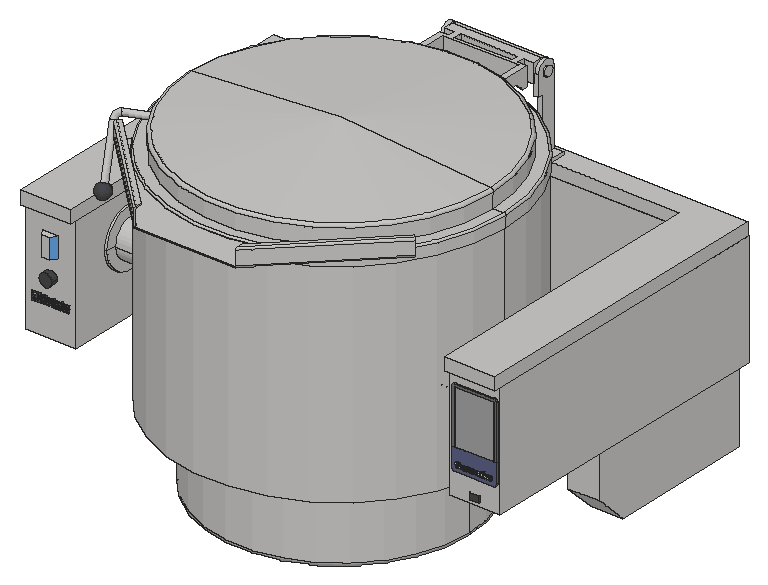
Revit family "QF_ELECTROLUXPROFESSIONAL_586884_PBOT40RWEO", category Attrezzature speciali, Revit 2020
Family settings
  Quota connettore circolare = Usa diametro
  Tipo di parte = Normale
  Basato su piano di lavoro = No
  Sempre verticale = Sì
  Taglio con vuoti quando caricato = No
  Condiviso = No
  Punto di calcolo locali = No
Parameters (values of type "Standard")
  Weight = 450.00 kg
  Watts = 48200 W
  Volts = 400 V
  URL Manufacturer = "https://www.electroluxprofessional.com/"
  URL = "https://www.electroluxprofessional.com/"
  Steam Supply Size = 0 mm
  Steam Supply Minimum Pressure = 0.0 Pa
  Steam Supply Maximum Pressure = 0.0 Pa
  Steam Consumption per Hour = 0
  Refrigeration Suction Line Size = 0.0 mm
  Refrigeration Liquid Line Size = 0.0 mm
  Refrigerant Compressor Remote = yes
  Prospetto di default = 0.0 mm
  Produttore = "Electrolux Professional"
  Phase = 3
  Modello = "PBOT40RWEO"
  Length Actual = 1500.0 mm  # constant formula
  Item Number = "586884"
  Hot Water Size = 12.7 mm
  Height Actual = 400.0 mm  # constant formula
  HP = "64.6 HP"
  Gas Size = 0 mm
  Gas KW = 0
  Gas Input Pressure = 0 W
  Direct Waste Size = 0 mm
  Descrizione = "ELECTRIC BOILING PAN, PREARR. FOR STIRRER, TILTING,400L,WALL,D1000"
  Depth Actual = 1000.0 mm  # constant formula
  Cycle = 50 Hz
  Condensate Return Size = 0 mm
  Compressed Air Volume = 0.0 L/s
  Compressed Air Size = 0 mm
  Compressed Air Pressure = 0.0 Pa
  Cold Water Size = 12.7 mm
  Accessory = yes
Reference planes
  plane 1 "Center (Front/Back)": y = 0
  plane 2: z = 0
  plane 3 "Center (Left/Right)": x = 0
  plane 4 "LEFT": x = -750
  plane 5 "RIGHT": x = 750
  plane 6 "BACK": y = 500
  plane 7 "FRONT": y = -500
  plane 8 "Base": z = 200
  plane 9 "TOP": z = 900
  plane 10: x = -590
  plane 11: x = 590
  plane 12 "Axe_PentolaY": y = -280
  plane 13 "AxePentolaZ": z = 730
  plane 14 "PLANE_TOP": z = 860
  plane 15: y = 430
  plane 16: x = -514
  plane 17 "PentolaH1": z = 1095
  plane 18 "PentolaH2": z = 425
  plane 19 "Pentola_H3": z = 155
  plane 20: x = -424
  plane 21: y = -788
  plane 22 "CentroPentolaY": y = -170
  plane 23 "TopCoperchio": z = 1226
  plane 24 "Versamento": z = 1127
  plane 25 "V1": through (-339.826, -609.082, 4000) normal (-0.7071, -0.7071, 0)
  plane 26 "V2": through (253.676, -695.231, 4000) normal (-0.7071, 0.7071, 0)
  plane 27 "Gfront": y = -1400
  plane 28 "LEVEL": through (-491.204, -243.032, 4000) normal (0.9191, 0.3941, 0)
  plane 29 "GRight": x = 250
  plane 30 "GLeft": x = -250
  plane 31: z = 2175
  plane 32 "Ribaltamento": y = -934
  plane 33: x = -670
  plane 34: x = 670
  plane 35 "AttaccoManiglia": z = 1155
  plane 36 "GBack": y = -200
  plane 37: through (0, -170, 4000) normal (0.3941, -0.9191, 0)
Forms (mm)
  Revolve 1, solid, material "QF_Finishes_Stainless Steel"
    sketch origin (0, 0, 730) x (-1, 0, 0) y (0, -1, 0)
      loop
        line (590, 280) -> (-590, 280) -> (-590, 190) -> (-580, 190) -> (-580, 222) -> (580, 222) -> (580, 190) -> (590, 190) -> (590, 280)
      axis (590, 280) -> (-590, 280)
    angle from 0 to 360
  Extrusion 2, solid, material "QF_Finishes_Stainless Steel"
    sketch origin (0, 0, 860) x (-1, 0, 0) y (0, -1, 0)
      loop
        line (750, 500) -> (590, 500) -> (590, -430) -> (-590, -430) -> (-590, 500) -> (-750, 500) -> (-750, -500) -> (750, -500) -> (750, 500)
    from 0 to 40
  Extrusion 3, solid, material "QF_Finishes_Stainless Steel"
    sketch origin (0, 0, 860) x (-1, 0, 0) y (0, -1, 0)
      loop
        line (590, -430) -> (-590, -430) -> (-590, -500) -> (590, -500) -> (590, -430)
    from 0 to -360
  Revolve 4, solid, material "QF_Finishes_Stainless Steel"
    sketch origin (0, -170, 0) x (-1, 0, 0) y (0, 0, 1)
      loop
        line (516, 1095) -> (0, 1095) -> (0, 155)
        arc (0, 155) -> (197.575, 160.932) -> (394.437, 178.708) r 3293
        arc (394.437, 178.708) -> (401.979, 182.661) -> (405, 190.622) r 12
        line (405, 190.622) -> (405, 425) -> (516, 425) -> (516, 1095)
      axis (0, 1095) -> (0, 155)
    angle from 0 to 360
  Revolve 5, solid, material "QF_Finishes_Stainless Steel"
    sketch origin (0, -170, 0) x (-1, 0, 0) y (0, 0, 1)
      loop
        line (520, 1095) -> (520, 1129)
        arc (520, 1129) -> (518.243, 1133.243) -> (514, 1135) r 6
        line (514, 1135) -> (480.235, 1135) -> (480.235, 1180.746)
        arc (480.235, 1180.746) -> (477.571, 1187.542) -> (471, 1190.717) r 10
        arc (471, 1190.717) -> (236.162, 1217.196) -> (0, 1226) r 3151.171
        line (0, 1226) -> (0, 1095) -> (520, 1095)
      axis (0, 1226) -> (0, 1095)
    angle from 0 to 360
  Extrusion 6, solid, material "QF_Finishes_Stainless Steel"
    sketch origin (0, 0, 900) x (0, 1, 0) y (-1, 0, 0)
      loop
        line (379.962, 120.148) -> (379.962, -120.148) -> (390.279, -120.148) -> (390.279, 120.148) -> (379.962, 120.148)
    from 218.833 to 273.042
  Extrusion 7, solid, material "QF_Finishes_Stainless Steel"
    sketch origin (0, 0, 900) x (0, 1, 0) y (-1, 0, 0)
      loop
        line (475, -185.804) -> (475, -155.804) -> (415, -155.804) -> (415, -185.804) -> (475, -185.804)
      loop
        line (475, 185.804) -> (415, 185.804) -> (415, 155.804) -> (475, 155.804) -> (475, 185.804)
    from 0 to 10
  Extrusion 8, solid, material "QF_Door-Drawer Clearances", detail levels coarse
    sketch origin (0, 0, 0) x (0, 1, 0) y (0, 0, 1)
      loop
        line (-788, 1133) -> (-788, 1177.507)
        arc (-788, 1177.507) -> (-930.24, 668.589) -> (-686, 200) r 718.591
        line (-686, 200) -> (-686, 1095) -> (-691.056, 1095) -> (-691.056, 1127) -> (-783.757, 1127)
        spline (-783.757, 1127) -> (-784.311, 1127.051) -> (-784.855, 1127.204) -> (-785.381, 1127.457) -> (-785.879, 1127.804) -> (-786.34, 1128.24) -> (-786.757, 1128.757) -> (-787.123, 1129.347) -> (-787.432, 1130) -> (-787.677, 1130.704) -> (-787.855, 1131.447) -> (-787.964, 1132.217) -> (-788, 1133)
    from -100 to 100
  Extrusion 9, solid, material "QF_Door-Drawer Clearances", detail levels coarse
    sketch origin (0, 0, 0) x (0, 1, 0) y (0, 0, 1)
      loop
        arc (445, 1172.982) -> (453.362, 1171.793) -> (461.062, 1168.32) r 30
        line (461.062, 1168.32) -> (451.116, 1194.228) -> (464.659, 1199.427) -> (430, 1289.718) -> (447.304, 1296.36) -> (430, 1341.439)
        arc (430, 1341.439) -> (319.731, 1759.703) -> (121.804, 2144.318) r 1992.677
        line (121.804, 2144.318) -> (110.026, 2175) -> (72.683, 2160.665)
        arc (72.683, 2160.665) -> (-497.12, 1801.155) -> (-765.088, 1183) r 1141.961
        line (-765.088, 1183) -> (-650.088, 1183) -> (-636.722, 1190.717)
        arc (-636.722, 1190.717) -> (-169.726, 1226.148) -> (297.269, 1190.717) r 3095.314
        line (297.269, 1190.717) -> (309.459, 1183.042) -> (309.459, 1173.042) -> (445, 1173.042)
    from -100 to 100
  Sweep 10, solid, material "QF_Finishes_Stainless Steel"
    path origin (-110.499, 59.858, 1127) x (0.998928, 0.046293, 0) y (0.046293, -0.998928, 0)
      loop
        line (-72.8, 863.053) -> (-389.399, 515.684)
    profile origin (-309.438, -639.469, 1127) x (-0.707107, -0.707107, 0) y (0, 0, 1)
      loop
        line (0, 6) -> (0, 50)
        arc (0, 50) -> (-1.757, 54.243) -> (-6, 56) r 6
        line (-6, 56) -> (-19, 56) -> (-19, 53) -> (-6, 53)
        arc (-6, 53) -> (-3.879, 52.121) -> (-3, 50) r 3
        line (-3, 50) -> (-3, 6)
        arc (-3, 6) -> (-3.879, 3.879) -> (-6, 3) r 3
        line (-6, 3) -> (-19, 3) -> (-19, 0) -> (-6, 0)
        arc (-6, 0) -> (-1.757, 1.757) -> (0, 6) r 6
  Extrusion 11, void
    sketch origin (0, 0, 1127) x (-1, 0, 0) y (0, -1, 0)
      loop
        line (160.93, 758) -> (160.93, 808.616) -> (-160.907, 808.616) -> (-160.907, 758) -> (160.93, 758)
    from -5.969 to 56
  Extrusion 12, solid, material "QF_Finishes_Stainless Steel"
    sketch origin (0, 0, 1127) x (-1, 0, 0) y (0, -1, 0)
      loop
        line (160.93, 788) -> (-160.93, 788) -> (-160.93, 779.493) -> (-471.327, 469.095) -> (-443.585, 441.353)
        arc (-443.585, 441.353) -> (0.028, 690) -> (443.614, 441.305) r 520
        line (443.614, 441.305) -> (471.366, 469.056) -> (160.93, 779.493) -> (160.93, 788)
    from 0 to 3
  Sweep 13, solid, material "QF_Finishes_Stainless Steel"
    path origin (110.499, 59.858, 1127) x (-0.998928, 0.046293, 0) y (-0.046293, -0.998928, 0)
      loop
        line (-72.8, 863.053) -> (-389.399, 515.684)
    profile origin (309.438, -639.469, 1127) x (-0.707107, 0.707107, 0) y (0, 0, 1)
      loop
        arc (0, 6) -> (1.757, 1.757) -> (6, 0) r 6
        line (6, 0) -> (19, 0) -> (19, 3) -> (6, 3)
        arc (6, 3) -> (3.879, 3.879) -> (3, 6) r 3
        line (3, 6) -> (3, 50)
        arc (3, 50) -> (3.879, 52.121) -> (6, 53) r 3
        line (6, 53) -> (19, 53) -> (19, 56) -> (6, 56)
        arc (6, 56) -> (1.757, 54.243) -> (0, 50) r 6
        line (0, 50) -> (0, 6)
  Extrusion 14, solid, material "QF_Finishes_Stainless Steel"
    sketch origin (-121.789, 93.598, 900) x (0, 1, 0) y (-1, 0, 0)
      loop
        line (296.681, -13.001) -> (296.681, -30.001) -> (336.402, -30.001) -> (336.402, -13.001) -> (296.681, -13.001)
      loop
        line (296.681, -230.578) -> (336.402, -230.578) -> (336.402, -213.578) -> (296.681, -213.578) -> (296.681, -230.578)
    from 218.833 to 273.042
  Extrusion 15, solid, material "QF_Finishes_Stainless Steel"
    sketch origin (0, 0, 0) x (0, 1, 0) y (0, 0, 1)
      loop
        line (290.279, 1173.042) -> (290.279, 1135) -> (353.321, 1135) -> (375.321, 1113) -> (390.279, 1113) -> (390.279, 1173.042) -> (290.279, 1173.042)
    from -120.148 to -136.999
  Extrusion 16, solid, material "QF_Finishes_Stainless Steel"
    sketch origin (0, 0, 0) x (0, 1, 0) y (0, 0, -1)
      loop
        line (290.279, -1173.042) -> (390.279, -1173.042) -> (390.279, -1113.042) -> (375.279, -1113.042) -> (353.321, -1135) -> (290.279, -1135) -> (290.279, -1173.042)
    from -120.148 to -136.999
  Extrusion 17, solid, material "QF_Finishes_Stainless Steel"
    sketch origin (0, 0, 0) x (0, 1, 0) y (0, 0, -1)
      loop
        line (430, -1080) -> (415, -1080) -> (415, -1143)
        arc (415, -1143) -> (445, -1173) -> (475, -1143) r 30
        line (475, -1143) -> (475, -900) -> (430, -900) -> (430, -1080)
      loop
        circle (445, -1143) r 15
    from -141.78 to -155.804
  Extrusion 18, solid, material "QF_Finishes_Stainless Steel"
    sketch origin (0, 0, 0) x (0, 1, 0) y (0, 0, 1)
      loop
        line (430, 1082.982) -> (430, 900) -> (475, 900) -> (475, 1142.982)
        arc (475, 1142.982) -> (445, 1172.982) -> (415, 1142.982) r 30
        line (415, 1142.982) -> (415, 1082.982) -> (430, 1082.982)
      loop
        circle (445, 1142.982) r 15
    from -141.78 to -155.804
  Extrusion 19, solid, material "QF_Finishes_Stainless Steel"
    sketch origin (0, 0, 3) x (0, 1, 0) y (0, 0, 1)
      loop
        arc (445, 1110) -> (475, 1140) -> (445, 1170) r 30
        line (445, 1170) -> (415, 1170) -> (415, 1110) -> (445, 1110)
    from -141.78 to 141.78
  Extrusion 20, solid, material "QF_Finishes_Stainless Steel"
    sketch origin (0, 0, 0) x (0, 1, 0) y (0, 0, 1)
      loop
        circle (445, 1143) r 15
    from -163 to 163
Cuts and joins
  Extrusion 11 cuts Sweep 10
  joined: Sweep 10, Extrusion 12
  Extrusion 11 cuts Sweep 13
  joined: Extrusion 6, Extrusion 14, Extrusion 15, Extrusion 16, Extrusion 19, Extrusion 20
Lines and regions (mm)
  symbolic lines
    curve 1: line (750, 500, 900) -> (-750, 500, 900)
    curve 2: line (750, -500, 900) -> (750, 500, 900)
    curve 3: line (-750, 500, 900) -> (-750, -500, 900)
    curve 4: line (-750, -500, 900) -> (-590, -500, 900)
    curve 5: line (-590, -500, 900) -> (-590, 430, 900)
    curve 6: line (590, 430, 900) -> (590, -500, 900)
    curve 7: line (590, -500, 900) -> (750, -500, 900)
    curve 8: line (-580, -190, 900) -> (-580, -370, 900)
    curve 9: line (-580, -190, 900) -> (-590, -190, 900)
    curve 10: line (-580, -370, 900) -> (-590, -370, 900)
    curve 11: line (580, -190, 900) -> (590, -190, 900)
    curve 12: line (580, -370, 900) -> (590, -370, 900)
    curve 17: line (-590, 430, 900) -> (-185.804, 430, 900)
    curve 18: line (590, 430, 900) -> (185.804, 430, 900)
    curve 19: line (-580, -222, 900) -> (-516.115, -222, 900)
    curve 20: line (-580, -338, 900) -> (-487.949, -338, 900)
    curve 21: line (580, -222, 900) -> (516.676, -222, 900)
    curve 41: line (580, -338, 900) -> (489.209, -338, 900)
    curve 43: line (580, -370, 1127) -> (580, -190, 1127)
    curve 44: arc (-480.235, -170, 1127) -> (0, -650.235, 1127) -> (480.235, -170, 1127) r 480.235
    curve 45: circle (0, -170, 1127) r 405 normal (0, 0, 1)
    curve 46: circle (0, -170, 1127) r 480.235 normal (0, 0, 1)
    curve 47: arc (-474.688, -382.299, 1127) -> (394.882, -508.332, 1127) -> (136.999, 331.629, 1127) r 520
    curve 48: line (475.57, -473.337, 1127) -> (443.585, -441.353, 1127)
    curve 49: line (-443.614, -441.305, 1127) -> (-475.608, -473.299, 1127)
    curve 50: line (-160.93, -787.978, 1127) -> (-475.608, -473.299, 1127)
    curve 51: line (160.907, -788, 1127) -> (475.57, -473.337, 1127)
    curve 52: line (462.135, -459.902, 1127) -> (160.907, -761.13, 1127)
    curve 53: line (-160.93, -761.108, 1127) -> (-462.173, -459.864, 1127)
    curve 54: line (-160.93, -761.108, 1127) -> (-160.93, -787.978, 1127)
    curve 55: line (160.907, -788, 1127) -> (160.907, -761.13, 1127)
    curve 56: line (-185.804, 475, 1127) -> (185.804, 475, 1127)
    curve 57: line (185.804, 475, 1127) -> (185.804, 415, 1127)
    curve 58: line (185.804, 415, 1127) -> (-185.804, 415, 1127)
    curve 59: line (-185.804, 415, 1127) -> (-185.804, 475, 1127)
    curve 60: line (-155.804, 475, 1127) -> (-155.804, 415, 1127)
    curve 61: line (-141.78, 415, 1127) -> (-141.78, 475, 1127)
    curve 62: line (141.78, 415, 1127) -> (141.78, 475, 1127)
    curve 63: line (155.804, 475, 1127) -> (155.804, 415, 1127)
    curve 64: line (163, 460, 1127) -> (163, 430, 1127)
    curve 65: line (163, 430, 1127) -> (155.804, 430, 1127)
    curve 66: line (163, 460, 1127) -> (155.804, 460, 1127)
    curve 67: line (-155.804, 460, 1127) -> (-163, 460, 1127)
    curve 68: line (-163, 460, 1127) -> (-163, 430, 1127)
    curve 69: line (-163, 430, 1127) -> (-155.804, 430, 1127)
    curve 70: line (-108.789, 390.279, 1127) -> (-108.789, 415, 1127)
    curve 71: line (91.789, 390.279, 1127) -> (91.789, 415, 1127)
    curve 72: line (108.789, 390.279, 1127) -> (108.789, 415, 1127)
    curve 73: line (-91.789, 390.279, 1127) -> (-91.789, 415, 1127)
    curve 74: line (-91.789, 390.279, 1127) -> (91.789, 390.279, 1127)
    curve 75: line (108.789, 390.279, 1127) -> (136.999, 390.279, 1127)
    curve 76: line (136.999, 390.279, 1127) -> (136.999, 290.279, 1127)
    curve 77: line (-120.148, 379.962, 1127) -> (120.148, 379.962, 1127)
    curve 78: line (120.148, 379.962, 1127) -> (120.148, 294.962, 1127)
    curve 79: line (-120.148, 379.962, 1127) -> (-120.148, 294.962, 1127)
    curve 80: line (-136.999, 390.279, 1127) -> (-136.999, 290.279, 1127)
    curve 81: arc (-136.999, 331.629, 1127) -> (-466.164, 60.415, 1127) -> (-481.726, -365.806, 1127) r 520
    curve 82: arc (120.148, 335.929, 1127) -> (0, 350, 1127) -> (-120.148, 335.929, 1127) r 520
    curve 83: line (-136.999, 390.279, 1127) -> (-108.789, 390.279, 1127)
  symbolic lines, style "SpecialityEquipmentHiddenLines"
    curve 13: line (-250, -1400, 900) -> (250, -1400, 900)
    curve 14: line (-250, -200, 900) -> (-250, -1400, 900)
    curve 15: line (250, -1400, 900) -> (250, -200, 900)
    curve 38: line (0, -1265.484, 900) -> (0, -1235.484, 900)
    curve 39: line (-15, -1250.484, 900) -> (15, -1250.484, 900)
    curve 42: line (250, -200, 1127) -> (-250, -200, 1127)
  symbolic lines, style "SpecialityEquipment"
    curve 16: circle (0, -1250.484, 900) r 15 normal (0, 0, 1)
    curve 22: line (210, -1400, 900) -> (210, -1200, 900)
    curve 23: line (170, -1400, 900) -> (170, -1240, 900)
    curve 24: line (130, -1400, 900) -> (130, -1280, 900)
    curve 25: line (90, -1400, 900) -> (90, -1320, 900)
    curve 26: line (90, -1360, 900) -> (250, -1360, 900)
    curve 27: line (130, -1320, 900) -> (250, -1320, 900)
    curve 28: line (170, -1280, 900) -> (250, -1280, 900)
    curve 29: line (210, -1240, 900) -> (250, -1240, 900)
    curve 30: line (-210, -1400, 900) -> (-210, -1200, 900)
    curve 31: line (-170, -1400, 900) -> (-170, -1240, 900)
    curve 32: line (-130, -1400, 900) -> (-130, -1280, 900)
    curve 33: line (-90, -1400, 900) -> (-90, -1320, 900)
    curve 34: line (-90, -1360, 900) -> (-250, -1360, 900)
    curve 35: line (-130, -1320, 900) -> (-250, -1320, 900)
    curve 36: line (-170, -1280, 900) -> (-250, -1280, 900)
    curve 37: line (-210, -1240, 900) -> (-250, -1240, 900)
    curve 40: line (-160.93, -788, 900) -> (160.907, -788, 900)
Dimensions and locks
  plane 4 "LEFT" to plane 5 "RIGHT" = 1500.0 mm
  equal spacing: plane 4 "LEFT", plane 3 "Center (Left/Right)", plane 5 "RIGHT"
  equal spacing: plane 6 "BACK", plane 1 "Center (Front/Back)", plane 7 "FRONT"
  plane 6 "BACK" to plane 7 "FRONT" = 1000.0 mm
  plane 8 "Base" to level = 200.0 mm
  plane 9 "TOP" to level = 900.0 mm
  plane 9 "TOP" to plane 8 "Base" = 700.0 mm
  locked: plane 4 "LEFT" to plane 10 at 160
  locked: plane 11 to plane 5 "RIGHT" at 160
  locked: plane 6 "BACK" to plane 12 "Axe_PentolaY" at 780
  locked: plane 13 "AxePentolaZ" to plane 8 "Base" at 530
  locked: Revolve 1 sketch curve to Revolve 1 sketch curve at 58
  locked: Revolve 1 sketch curve to Revolve 1 sketch curve at 90
  locked: plane 10 to Revolve 1 sketch curve at 10
  locked: Revolve 1 sketch curve to plane 11 at 10
  locked: plane 9 "TOP" to plane 14 "PLANE_TOP" at 40
  plane 6 "BACK" to plane 15 = 70.0 mm
  locked: plane 17 "PentolaH1" to plane 13 "AxePentolaZ" at 365
  locked: plane 13 "AxePentolaZ" to plane 18 "PentolaH2" at 305
  locked: plane 18 "PentolaH2" to plane 19 "Pentola_H3" at 270
  locked: plane 3 "Center (Left/Right)" to plane 16 at 514
  locked: plane 3 "Center (Left/Right)" to plane 20 at 424
  Revolve 5 sketch curve to plane 17 "PentolaH1" = 40.0 mm
  plane 6 "BACK" to plane 21 = 1288.0 mm
  locked: plane 6 "BACK" to plane 22 "CentroPentolaY" at 670
  locked: plane 23 "TopCoperchio" to plane 9 "TOP" at 326
  locked: plane 24 "Versamento" to level at 1127
  plane 6 "BACK" to plane 27 "Gfront" = 1900.0 mm
  locked: plane 30 "GLeft" to plane 3 "Center (Left/Right)" at 250
  locked: plane 3 "Center (Left/Right)" to plane 29 "GRight" at 250
  plane 31 to plane 9 "TOP" = 1275.0 mm
  plane 6 "BACK" to plane 32 "Ribaltamento" = 1434.0 mm
  equal spacing: plane 10, plane 33, plane 4 "LEFT"
  equal spacing: plane 5 "RIGHT", plane 34, plane 11
  locked: plane 35 "AttaccoManiglia" to level at 1155
  plane 6 "BACK" to plane 36 "GBack" = 700.0 mm
  aligned and locked: level to plane 2
  aligned and locked: plane 4 "LEFT" to nested 1
  aligned and locked: plane 6 "BACK" to nested 2
  aligned and locked: plane 6 "BACK" to nested 1
  aligned and locked: plane 10 to Revolve 1 sketch curve
  aligned and locked: plane 11 to Revolve 1 sketch curve
  aligned and locked: plane 4 "LEFT" to Extrusion 2 sketch curve
  aligned and locked: Extrusion 2 sketch curve to plane 10
  aligned and locked: plane 7 "FRONT" to Extrusion 2 sketch curve  (x2)
  aligned and locked: Extrusion 2 sketch curve to plane 5 "RIGHT"
  aligned and locked: plane 11 to Extrusion 2 sketch curve
  aligned and locked: Extrusion 2 sketch curve to plane 6 "BACK"
  aligned and locked: plane 15 to Extrusion 2 sketch curve
  aligned and locked: Extrusion 3 sketch curve to plane 10
  aligned and locked: plane 6 "BACK" to Extrusion 3 sketch curve
  aligned and locked: plane 11 to Extrusion 3 sketch curve
  aligned and locked: Extrusion 3 sketch curve to plane 15
  aligned and locked: plane 3 "Center (Left/Right)" to Revolve 4 sketch curve
  aligned and locked: curve 13 to plane 27 "Gfront"
  aligned and locked: curve 14 to plane 30 "GLeft"
  aligned and locked: plane 29 "GRight" to curve 15
  aligned and locked: plane 36 "GBack" to curve 42
  aligned and locked: Revolve 4 sketch curve to plane 18 "PentolaH2"
  aligned and locked: Revolve 4 sketch curve to plane 17 "PentolaH1"
Automatic sketch dimensions
  plane 12 "Axe_PentolaY" to Revolve 1 sketch curve = 0.0 mm
  Revolve 1 sketch curve to plane 12 "Axe_PentolaY" = 0.0 mm
  plane 36 "GBack" to Revolve 1 sketch curve = 10.0 mm
  plane 5 "RIGHT" to Revolve 1 sketch curve = 432.098 mm
  Revolve 1 sketch curve to plane 4 "LEFT" = 580.148 mm
  Revolve 4 sketch curve to plane 3 "Center (Left/Right)" = 0.0 mm
  Revolve 4 sketch curve to plane 19 "Pentola_H3" = 0.0 mm
  Revolve 4 sketch curve to plane 8 "Base" = 9.378 mm
  plane 20 to Revolve 4 sketch curve = 31.0 mm
  plane 20 to Revolve 4 sketch curve = 19.0 mm
  Revolve 4 sketch curve to plane 16 = 2.0 mm
  plane 31 to Revolve 4 sketch curve = 1273.0 mm
  level to Revolve 4 sketch curve = 60.0 mm
  plane 23 "TopCoperchio" to Revolve 4 sketch curve = 4.0 mm
  Revolve 5 sketch curve to plane 3 "Center (Left/Right)" = 0.0 mm  (x2)
  Revolve 5 sketch curve to plane 16 = 0.0 mm
  Revolve 5 sketch curve to plane 17 "PentolaH1" = 0.0 mm
  Revolve 5 sketch curve to plane 23 "TopCoperchio" = 0.0 mm
  Revolve 5 sketch curve to plane 3 "Center (Left/Right)" = 0.765 mm
  plane 16 to Revolve 5 sketch curve = 43.765 mm
  Revolve 5 sketch curve to Revolve 5 sketch curve = 10.0 mm
  Revolve 5 sketch curve to plane 16 = 6.0 mm
  Revolve 5 sketch curve to level = 1925.171 mm
  Revolve 5 sketch curve to Revolve 5 sketch curve = 45.746 mm
  Revolve 5 sketch curve to plane 18 "PentolaH2" = 90.0 mm
  Revolve 5 sketch curve to Revolve 5 sketch curve = 24.0 mm
  Extrusion 6 sketch curve to plane 15 = 50.038 mm
  Extrusion 6 sketch curve to Extrusion 6 sketch curve = 10.317 mm
  plane 3 "Center (Left/Right)" to Extrusion 6 sketch curve = 120.148 mm
  Extrusion 6 sketch curve to plane 3 "Center (Left/Right)" = 120.148 mm
  Extrusion 7 sketch curve to plane 15 = 15.0 mm  (x2)
  Extrusion 7 sketch curve to plane 6 "BACK" = 25.0 mm  (x2)
  Extrusion 7 sketch curve to plane 29 "GRight" = 64.196 mm
  Extrusion 7 sketch curve to Extrusion 7 sketch curve = 30.0 mm  (x2)
  plane 30 "GLeft" to Extrusion 7 sketch curve = 94.196 mm
  Extrusion 8 sketch curve to plane 21 = 0.0 mm
  Extrusion 8 sketch curve to plane 24 "Versamento" = 0.0 mm
  Extrusion 8 sketch curve to plane 17 "PentolaH1" = 0.0 mm
  Extrusion 8 sketch curve to plane 8 "Base" = 0.0 mm
  plane 21 to Extrusion 8 sketch curve = 4.243 mm
  plane 21 to Extrusion 8 sketch curve = 96.944 mm
  plane 21 to Extrusion 8 sketch curve = 102.0 mm
  Extrusion 8 sketch curve to plane 36 "GBack" = 15.53 mm
  plane 13 "AxePentolaZ" to Extrusion 8 sketch curve = 13.167 mm
  plane 24 "Versamento" to Extrusion 8 sketch curve = 6.0 mm
  plane 25 "V1" to Sweep 10 sketch curve = 0.0 mm  (x2)
  Sweep 10 sketch curve to plane 7 "FRONT" = 26.701 mm
  Sweep 10 sketch curve to Sweep 10 sketch curve = 316.599 mm
  Sweep 10 sketch curve to Sweep 10 sketch curve = 0.0 mm  (x4)
  plane 24 "Versamento" to Sweep 10 sketch curve = 0.0 mm
  Sweep 10 sketch curve to profile plane = 0.0 mm
  profile plane to Sweep 10 sketch curve = 3.0 mm
  Sweep 10 sketch curve to Sweep 10 sketch curve = 3.0 mm  (x2)
  Sweep 10 sketch curve to Sweep 10 sketch curve = 13.0 mm  (x2)
  Sweep 10 sketch curve to Sweep 10 sketch curve = 44.0 mm
  plane 21 to Extrusion 11 sketch curve = 30.0 mm
  Extrusion 11 sketch curve to plane 29 "GRight" = 89.093 mm
  Extrusion 11 sketch curve to plane 21 = 20.616 mm
  plane 30 "GLeft" to Extrusion 11 sketch curve = 89.07 mm
  Extrusion 12 sketch curve to plane 21 = 0.0 mm
  Extrusion 12 sketch curve to plane 3 "Center (Left/Right)" = 0.0 mm
  Extrusion 12 sketch curve to plane 22 "CentroPentolaY" = 0.0 mm
  plane 21 to Extrusion 12 sketch curve = 8.507 mm
  Extrusion 12 sketch curve to plane 29 "GRight" = 89.07 mm
  plane 7 "FRONT" to Extrusion 12 sketch curve = 58.647 mm
  Extrusion 12 sketch curve to plane 11 = 146.415 mm
  plane 7 "FRONT" to Extrusion 12 sketch curve = 30.905 mm
  plane 30 "GLeft" to Extrusion 12 sketch curve = 89.07 mm
  Extrusion 12 sketch curve to plane 20 = 19.614 mm
  plane 7 "FRONT" to Extrusion 12 sketch curve = 30.944 mm
  Extrusion 12 sketch curve to Extrusion 12 sketch curve = 27.751 mm
  plane 26 "V2" to Sweep 13 sketch curve = 0.0 mm
  Sweep 13 sketch curve to plane 26 "V2" = 0.0 mm
  plane 7 "FRONT" to Sweep 13 sketch curve = 26.701 mm
  Sweep 13 sketch curve to Sweep 13 sketch curve = 316.599 mm
  Sweep 13 sketch curve to Sweep 13 sketch curve = 0.0 mm  (x4)
  Sweep 13 sketch curve to profile plane = 0.0 mm
  plane 24 "Versamento" to Sweep 13 sketch curve = 0.0 mm
  Sweep 13 sketch curve to Sweep 13 sketch curve = 3.0 mm  (x2)
  Sweep 13 sketch curve to profile plane = 6.0 mm
  Sweep 13 sketch curve to Sweep 13 sketch curve = 13.0 mm  (x2)
  Sweep 13 sketch curve to Sweep 13 sketch curve = 44.0 mm
  Extrusion 14 sketch curve to plane 15 = 0.0 mm  (x2)
  Extrusion 14 sketch curve to plane 15 = 39.721 mm  (x2)
  plane 3 "Center (Left/Right)" to Extrusion 14 sketch curve = 108.789 mm
  Extrusion 14 sketch curve to Extrusion 14 sketch curve = 17.0 mm  (x2)
  Extrusion 14 sketch curve to plane 3 "Center (Left/Right)" = 91.789 mm
  plane 35 "AttaccoManiglia" to Extrusion 16 sketch curve = 18.042 mm
  Extrusion 16 sketch curve to plane 15 = 139.721 mm
  plane 24 "Versamento" to Extrusion 16 sketch curve = 8.0 mm
  Extrusion 16 sketch curve to Extrusion 16 sketch curve = 63.042 mm
  Extrusion 16 sketch curve to plane 24 "Versamento" = 13.958 mm
  Extrusion 16 sketch curve to Extrusion 16 sketch curve = 21.958 mm
  Extrusion 16 sketch curve to plane 15 = 39.721 mm
  Extrusion 17 sketch curve to Extrusion 17 sketch curve = 0.0 mm  (x2)
  Extrusion 17 sketch curve to plane 9 "TOP" = 0.0 mm
  Extrusion 17 sketch curve to plane 15 = 0.0 mm
  Extrusion 17 sketch curve to plane 15 = 15.0 mm
  plane 15 to Extrusion 17 sketch curve = 15.0 mm
  Extrusion 17 sketch curve to plane 17 "PentolaH1" = 15.0 mm
  plane 24 "Versamento" to Extrusion 17 sketch curve = 16.0 mm
  Extrusion 18 sketch curve to Extrusion 18 sketch curve = 0.0 mm  (x2)
  Extrusion 18 sketch curve to plane 9 "TOP" = 0.0 mm
  Extrusion 18 sketch curve to plane 15 = 0.0 mm
  Extrusion 18 sketch curve to plane 15 = 15.0 mm
  plane 15 to Extrusion 18 sketch curve = 15.0 mm
  Extrusion 18 sketch curve to plane 17 "PentolaH1" = 12.018 mm
  plane 24 "Versamento" to Extrusion 18 sketch curve = 15.982 mm
  Extrusion 19 sketch curve to plane 15 = 15.0 mm
  plane 24 "Versamento" to Extrusion 19 sketch curve = 16.0 mm
  plane 15 to Extrusion 19 sketch curve = 15.0 mm
  plane 17 "PentolaH1" to Extrusion 19 sketch curve = 18.0 mm
  plane 35 "AttaccoManiglia" to Extrusion 15 sketch curve = 18.042 mm
  Extrusion 15 sketch curve to plane 15 = 139.721 mm
  plane 24 "Versamento" to Extrusion 15 sketch curve = 8.0 mm
  Extrusion 15 sketch curve to Extrusion 15 sketch curve = 63.042 mm
  Extrusion 15 sketch curve to plane 15 = 39.721 mm
  Extrusion 15 sketch curve to Extrusion 15 sketch curve = 14.958 mm
  Extrusion 15 sketch curve to plane 24 "Versamento" = 14.0 mm
  Extrusion 9 sketch curve to plane 31 = 0.0 mm
  Extrusion 9 sketch curve to plane 15 = 0.0 mm  (x2)
  Extrusion 9 sketch curve to plane 15 = 59.979 mm
  plane 35 "AttaccoManiglia" to Extrusion 9 sketch curve = 28.042 mm
  Extrusion 9 sketch curve to plane 15 = 120.541 mm
  Extrusion 9 sketch curve to plane 23 "TopCoperchio" = 35.283 mm  (x2)
  Extrusion 9 sketch curve to Extrusion 9 sketch curve = 12.19 mm
  Extrusion 9 sketch curve to plane 31 = 30.682 mm
  Extrusion 9 sketch curve to plane 1 "Center (Front/Back)" = 121.804 mm
  Extrusion 9 sketch curve to Extrusion 9 sketch curve = 11.778 mm
  Extrusion 9 sketch curve to plane 31 = 14.335 mm
  plane 22 "CentroPentolaY" to Extrusion 9 sketch curve = 0.274 mm
  plane 35 "AttaccoManiglia" to Extrusion 9 sketch curve = 28.0 mm
  Extrusion 9 sketch curve to Extrusion 9 sketch curve = 13.366 mm
  plane 21 to Extrusion 9 sketch curve = 22.912 mm
  Extrusion 9 sketch curve to plane 17 "PentolaH1" = 49.409 mm
  Extrusion 9 sketch curve to plane 27 "Gfront" = 140.593 mm
  plane 15 to Extrusion 9 sketch curve = 17.304 mm
  plane 15 to Extrusion 9 sketch curve = 21.116 mm
  plane 35 "AttaccoManiglia" to Extrusion 9 sketch curve = 13.32 mm
  Extrusion 9 sketch curve to Extrusion 9 sketch curve = 9.945 mm
  Extrusion 9 sketch curve to plane 23 "TopCoperchio" = 26.573 mm
  Extrusion 9 sketch curve to level = 1869.166 mm
  Extrusion 9 sketch curve to plane 35 "AttaccoManiglia" = 12.018 mm
  Extrusion 9 sketch curve to Extrusion 9 sketch curve = 10.0 mm
  plane 15 to Extrusion 9 sketch curve = 15.0 mm
  Extrusion 9 sketch curve to Extrusion 9 sketch curve = 0.0 mm
  plane 15 to Extrusion 20 sketch curve = 15.0 mm
  Extrusion 20 sketch curve to plane 35 "AttaccoManiglia" = 12.0 mm
  curve 44 to curve 45 = 0.0 mm
  curve 44 to curve 46 = 0.0 mm  (x2)
  curve 44 to curve 47 = 0.0 mm  (x2)
  curve 44 to curve 81 = 0.0 mm  (x2)
  curve 44 to curve 82 = 0.0 mm
  curve 45 to curve 81 = 0.0 mm
  curve 45 to curve 82 = 0.0 mm
  curve 44 to plane 22 "CentroPentolaY" = 0.0 mm
  plane 26 "V2" to curve 51 = 0.0 mm
  curve 42 to plane 29 "GRight" = 0.0 mm
  curve 64 to plane 15 = 0.0 mm
  curve 51 to plane 21 = 0.0 mm
  curve 51 to plane 26 "V2" = 0.0 mm
  curve 44 to plane 3 "Center (Left/Right)" = 0.0 mm
  curve 69 to plane 15 = 0.0 mm
  plane 25 "V1" to curve 50 = 0.0 mm
  curve 42 to plane 30 "GLeft" = 0.0 mm
  plane 25 "V1" to curve 49 = 0.0 mm
  plane 7 "FRONT" to curve 48 = 26.663 mm
  curve 57 to plane 15 = 15.0 mm
  curve 57 to plane 29 "GRight" = 64.196 mm
  curve 57 to curve 64 = 22.804 mm
  curve 64 to curve 76 = 26.001 mm
  curve 75 to curve 78 = 16.851 mm
  curve 77 to curve 72 = 11.36 mm
  curve 72 to curve 71 = 17.0 mm
  curve 74 to plane 15 = 39.721 mm
  curve 74 to plane 3 "Center (Left/Right)" = 91.789 mm
  curve 73 to curve 77 = 28.36 mm
  plane 21 to curve 50 = 0.022 mm
  plane 15 to curve 67 = 30.0 mm
  curve 73 to curve 67 = 71.211 mm
  curve 68 to curve 58 = 22.804 mm
  plane 7 "FRONT" to curve 49 = 26.701 mm
  curve 66 to curve 64 = 30.0 mm
  curve 56 to plane 6 "BACK" = 25.0 mm
  curve 71 to curve 75 = 0.0 mm
  curve 73 to curve 77 = 10.317 mm
  curve 53 to curve 50 = 26.87 mm
  curve 52 to curve 51 = 26.87 mm
  plane 7 "FRONT" to curve 48 = 58.647 mm
  curve 44 to plane 11 = 109.765 mm
  curve 43 to plane 11 = 10.0 mm
  curve 64 to curve 66 = 7.196 mm
  curve 63 to curve 62 = 14.024 mm
  curve 70 to curve 77 = 11.36 mm
  curve 77 to curve 83 = 16.851 mm
  curve 83 to curve 61 = 4.781 mm
  curve 61 to curve 60 = 14.024 mm
  plane 16 to curve 47 = 39.312 mm
  curve 47 to curve 81 = 7.038 mm
  curve 70 to curve 77 = 10.317 mm
  curve 82 to curve 47 = 4.301 mm
  curve 82 to curve 81 = 4.301 mm
  curve 47 to curve 78 = 36.666 mm
  plane 36 "GBack" to curve 43 = 10.0 mm
  curve 43 to plane 12 "Axe_PentolaY" = 90.0 mm
  curve 38 to plane 3 "Center (Left/Right)" = 0.0 mm
  curve 16 to plane 3 "Center (Left/Right)" = 0.0 mm
  curve 40 to plane 21 = 0.0 mm
  curve 2 to plane 5 "RIGHT" = 0.0 mm
  curve 2 to plane 7 "FRONT" = 0.0 mm
  curve 4 to plane 7 "FRONT" = 0.0 mm
  curve 10 to plane 10 = 0.0 mm
  curve 12 to plane 11 = 0.0 mm
  curve 15 to plane 36 "GBack" = 0.0 mm
  curve 14 to plane 36 "GBack" = 0.0 mm
  curve 18 to plane 15 = 0.0 mm
  curve 17 to plane 15 = 0.0 mm
  curve 2 to plane 6 "BACK" = 0.0 mm
  curve 40 to plane 26 "V2" = 0.0 mm
  curve 3 to plane 4 "LEFT" = 0.0 mm
  plane 27 "Gfront" to curve 16 = 149.516 mm
  plane 10 to curve 10 = 10.0 mm
  curve 10 to plane 12 "Axe_PentolaY" = 90.0 mm
  plane 36 "GBack" to curve 9 = 10.0 mm
  curve 25 to curve 26 = 40.0 mm
  curve 33 to curve 34 = 40.0 mm
  curve 34 to curve 35 = 40.0 mm
  curve 26 to curve 25 = 40.0 mm
  curve 26 to curve 27 = 40.0 mm
  curve 35 to curve 33 = 0.0 mm
  curve 27 to curve 28 = 40.0 mm
  curve 35 to curve 32 = 40.0 mm
  curve 36 to curve 32 = 0.0 mm
  curve 24 to curve 28 = 0.0 mm
  curve 38 to curve 16 = 15.0 mm
  curve 16 to curve 39 = 0.0 mm
  curve 28 to curve 29 = 40.0 mm
  curve 36 to curve 37 = 40.0 mm
  curve 37 to curve 31 = 0.0 mm
  curve 23 to curve 29 = 0.0 mm
  curve 37 to curve 30 = 40.0 mm
  curve 29 to curve 22 = 40.0 mm
  curve 12 to plane 11 = 10.0 mm
  curve 12 to plane 12 "Axe_PentolaY" = 90.0 mm
  curve 41 to plane 12 "Axe_PentolaY" = 58.0 mm
  curve 8 to curve 20 = 32.0 mm
  curve 19 to plane 16 = 2.115 mm
  curve 19 to plane 36 "GBack" = 22.0 mm
  curve 21 to plane 36 "GBack" = 22.0 mm
  plane 36 "GBack" to curve 11 = 10.0 mm
  curve 21 to plane 11 = 10.0 mm
  curve 11 to plane 11 = 10.0 mm
  curve 41 to plane 11 = 10.0 mm
  curve 21 to curve 21 = 63.324 mm
  curve 41 to curve 41 = 90.791 mm
  curve 22 to plane 29 "GRight" = 40.0 mm
  curve 18 to plane 29 "GRight" = 64.196 mm
  curve 22 to curve 23 = 40.0 mm
  curve 23 to curve 24 = 40.0 mm
  curve 24 to curve 26 = 40.0 mm
  curve 33 to plane 3 "Center (Left/Right)" = 90.0 mm
  curve 33 to curve 32 = 40.0 mm
  plane 30 "GLeft" to curve 40 = 89.07 mm
  curve 32 to curve 36 = 40.0 mm
  plane 30 "GLeft" to curve 17 = 64.196 mm
  plane 30 "GLeft" to curve 30 = 40.0 mm
  plane 16 to curve 20 = 26.051 mm
  radius of Extrusion 17 sketch curve = 15.0 mm
  radius of Extrusion 18 sketch curve = 15.0 mm
  radius of Extrusion 20 sketch curve = 15.0 mm
  radius of curve 45 = 405.0 mm
Nested families
  nested 1: "QF_ELECTROLUXPROFESSIONAL_PBOT1000H400_LEFT" at (-670, 0, 0), type "QF_ELECTROLUXPROFESSIONAL_PBOT1000H400_LEFT"
    with Body Finish QF_Finishes_Stainless Steel
  nested 2: "QF_ELECTROLUXPROFESSIONAL_PBOT1000H400_RIGHT" at (670, 0, 0), type "QF_ELECTROLUXPROFESSIONAL_PBOT1000H400_RIGHT"
    with Body Finish QF_Finishes_Stainless Steel
  nested 3: "QF_ELECTROLUXPROFESSIONAL_PBOT1000_LEVEL1" at (-441.373, -359.248, 1155.574) x (0.9273, 0.3744, 0) z (0, 0, 1), type "QF_ELECTROLUXPROFESSIONAL_PBOT1000_LEVEL1"
Connectors
  piping at (-700, 503, 395), diameter 12.7, driven by "Hot Water Size"
    settings: on nested 1, index 1, connector inside diameter 609.6 mm, connector length 0.0 mm, flow factor 0, pipe flow 0.0 L/s, pressure drop 0.0 Pa, fitting loss kfactor 0, connector angle 0.00°, fixture units 0, engagement length 0.0 mm, angle of deflection 0.00°, flow configuration 1, flow direction 1, fitting loss method 0, system type 19, joint type 0, gender type 0, connector reference index -1, connector utility 0, adjustable connector no, is connector primary yes, connector description "Hot Water Inlet"
  piping at (-700, 503, 395), diameter 12.7, driven by "Hot Water Size"
    settings: on nested 1, index 2, connector inside diameter 609.6 mm, connector length 0.0 mm, flow factor 0, pipe flow 0.0 L/s, pressure drop 0.0 Pa, fitting loss kfactor 0, connector angle 0.00°, fixture units 0, engagement length 0.0 mm, angle of deflection 0.00°, flow configuration 1, flow direction 1, fitting loss method 0, system type 19, joint type 0, gender type 0, connector reference index -1, connector utility 0, adjustable connector no, is connector primary no, connector description "Hot Water Inlet"
  electrical at (670, 500, 450), driven by "Volts"
    settings: on nested 2, index 3, voltage 400 V, apparent load 0 VA, apparent load phase1 0 VA, apparent load phase2 0 VA, apparent load phase3 0 VA, power factor 1, load classification "Other", number of poles 1, system type 30, power factor state 1, is connector primary yes, connector utility no, sub classification motor no, connector description "Electrical Connection"
  piping at (-640, 503, 395), diameter 12.7, driven by "Cold Water Size"
    settings: on nested 1, index 4, connector inside diameter 609.6 mm, connector length 0.0 mm, flow factor 0, pipe flow 0.0 L/s, pressure drop 0.0 Pa, fitting loss kfactor 0, connector angle 0.00°, fixture units 0, engagement length 0.0 mm, angle of deflection 0.00°, flow configuration 1, flow direction 1, fitting loss method 0, system type 20, joint type 0, gender type 0, connector reference index -1, connector utility 0, adjustable connector no, is connector primary no, connector description "Cold Water Inlet"
Definition of nested family "QF_ELECTROLUXPROFESSIONAL_PBOT1000H400_LEFT"
  Parameters
    Width = 160.0 mm
    Right = Width / 2  # 80.0 mm
    Default Elevation = 0.0 mm
    Left = -Width / 2  # -80.0 mm
    Htop = 40.0 mm
    Height = 900.0 mm
    HW_CW_y = 312.0 mm
    HW_CW_Border = 50.0 mm
    HBase = 200.0 mm
    Depth = 1000.0 mm
    BorderFront = 20.0 mm
    Body Finish [instance] = none
  Reference planes
    plane 1 "Center (Front/Back)": y = 0
    plane 2: z = 0
    plane 3 "Center (Left/Right)": x = 0
    plane 4 "LEFT": x = -80
    plane 5 "RIGHT": x = 80
    plane 6 "BACK": y = 500
    plane 7 "FRONT": y = -500
    plane 8 "TOP": z = 900
    plane 9 "BorderFront": y = -480
    plane 10: z = 860
    plane 11 "HW_CW": y = 188
    plane 12: x = -30
    plane 13: x = 30
    plane 14: z = 500
    plane 15 "Base": z = 250
    plane 16: y = -50
    plane 17: x = 20
    plane 18: z = 800
    plane 19: z = 525
  Forms (mm)
    Extrusion 1, solid
      sketch origin (0, 0, 0) x (1, 0, 0) y (0, 1, 0)
        loop
          line (-80, 500) -> (-80, -480) -> (80, -480) -> (80, 500) -> (-80, 500)
      from 860 to 500
    Extrusion 2, solid
      sketch origin (-1.5, -480, 0) x (-1, 0, 0) y (0, 0, 1)
        loop
          circle (-1.5, 673.484) r 20
      from 0 to -20
    Extrusion 3, solid, material <- "Body Finish"
      sketch origin (0, 500, 0) x (-1, 0, 0) y (0, 0, 1)
        loop
          circle (30, 395) r 6.35
        loop
          circle (-30, 395) r 6.35
      from 3 to 0
    Blend 4, solid, material <- "Body Finish"
      base sketch origin (0, -480, -0.233) x (-1, 0, 0) y (0, 0, 1)
        loop
          line (23.5, 800.233) -> (-23.5, 800.233) -> (-23.5, 733.433) -> (23.5, 733.433) -> (23.5, 800.233)
      top sketch origin (0, -480, -0.233) x (-1, 0, 0) y (0, 0, 1)
        loop
          line (13.448, 797.45) -> (-13.448, 797.45) -> (-13.448, 736.216) -> (13.448, 736.216) -> (13.448, 797.45)
      from 0 to -20
    Extrusion 5, solid
      sketch origin (-12.54, -480, 23) x (-1, 0, 0) y (0, 0, 1)
        loop
          line (5.327, 593.058) -> (5.327, 590.846) -> (11.437, 590.846) -> (11.437, 587.616) -> (5.692, 587.616) -> (5.692, 585.398) -> (11.437, 585.398) -> (11.437, 583.444)
          arc (11.437, 583.444) -> (10.839, 582.088) -> (9.435, 581.614) r 1.838
          line (9.435, 581.614) -> (5.163, 581.614) -> (5.163, 579.403) -> (9.986, 579.403)
          arc (9.986, 579.403) -> (12.674, 580.517) -> (13.788, 583.205) r 3.802
          line (13.788, 583.205) -> (13.788, 593.058) -> (5.327, 593.058)
        loop
          line (3.492, 593.058) -> (1.141, 593.058) -> (1.141, 579.403) -> (3.492, 579.403) -> (3.492, 593.058)
        loop
          line (-47.588, 593.058) -> (-49.941, 593.058) -> (-49.941, 579.403) -> (-47.588, 579.403) -> (-47.588, 593.058)
        loop
          arc (-2.749, 583.764) -> (-3.194, 582.272) -> (-4.489, 581.409) r 2.29
          arc (-4.489, 581.409) -> (-6.614, 581.225) -> (-8.443, 582.322) r 3.458
          line (-8.443, 582.322) -> (-9.836, 580.928)
          arc (-9.836, 580.928) -> (-7.685, 579.48) -> (-5.119, 579.102) r 5.86
          arc (-5.119, 579.102) -> (-1.823, 580.467) -> (-0.457, 583.764) r 4.662
          arc (-0.457, 583.764) -> (-1.495, 587.706) -> (-5.131, 589.55) r 4.976
          arc (-5.131, 589.55) -> (-9.259, 588.004) -> (-10.466, 583.764) r 4.89
          line (-10.466, 583.764) -> (-2.749, 583.764)
        loop
          arc (-2.808, 585.417) -> (-3.843, 587.066) -> (-5.727, 587.557) r 2.64
          arc (-5.727, 587.557) -> (-7.36, 586.981) -> (-8.104, 585.417) r 2.256
          line (-8.104, 585.417) -> (-2.808, 585.417)
        loop
          arc (-19.634, 586.402) -> (-17.741, 587.437) -> (-15.609, 587.112) r 3.369
          arc (-15.609, 587.112) -> (-14.276, 585.699) -> (-14.118, 583.764) r 2.933
          arc (-14.118, 583.764) -> (-16.389, 581.316) -> (-19.559, 582.365) r 3.088
          line (-19.559, 582.365) -> (-21.028, 580.896)
          arc (-21.028, 580.896) -> (-14.811, 579.611) -> (-11.775, 585.186) r 5.33
          arc (-11.775, 585.186) -> (-13.576, 588.365) -> (-17.009, 589.62) r 5.293
          arc (-17.009, 589.62) -> (-19.259, 589.219) -> (-21.111, 587.878) r 5.117
          line (-21.111, 587.878) -> (-19.634, 586.402)
        loop
          line (-22.556, 593.058) -> (-24.908, 593.058) -> (-24.908, 589.279) -> (-27.044, 589.279) -> (-27.044, 587.143) -> (-24.908, 587.143) -> (-24.908, 583.764)
          arc (-24.908, 583.764) -> (-25.11, 582.682) -> (-25.866, 581.883) r 1.949
          arc (-25.866, 581.883) -> (-26.455, 581.649) -> (-27.088, 581.601) r 2.118
          line (-27.088, 581.601) -> (-27.088, 579.397)
          arc (-27.088, 579.397) -> (-24.962, 579.678) -> (-23.283, 581.013) r 4.018
          arc (-23.283, 581.013) -> (-22.759, 582.327) -> (-22.556, 583.727) r 6.031
          line (-22.556, 583.727) -> (-22.556, 593.058)
        loop
          line (-31.355, 584.595) -> (-31.355, 579.403) -> (-29.023, 579.403) -> (-29.023, 589.279) -> (-31.355, 589.279) -> (-31.355, 587.855)
          arc (-31.355, 587.855) -> (-32.932, 589.208) -> (-35.001, 589.403) r 3.432
          line (-35.001, 589.403) -> (-35.001, 587.143)
          arc (-35.001, 587.143) -> (-33.417, 587.175) -> (-32.009, 586.452) r 3.231
          arc (-32.009, 586.452) -> (-31.523, 585.579) -> (-31.355, 584.595) r 2.967
        loop
          circle (-40.752, 584.339) r 5.233
        loop
          circle (-40.752, 584.339) r 3.172
        loop
          line (-58.424, 583.516) -> (-58.424, 589.279) -> (-60.794, 589.279) -> (-60.794, 583.417)
          arc (-60.794, 583.417) -> (-59.481, 580.276) -> (-56.268, 579.153) r 4.181
          arc (-56.268, 579.153) -> (-53.09, 580.243) -> (-51.74, 583.32) r 4.181
          line (-51.74, 583.32) -> (-51.74, 589.279) -> (-54.111, 589.279) -> (-54.111, 583.516)
          arc (-54.111, 583.516) -> (-54.692, 581.919) -> (-56.268, 581.283) r 2.088
          arc (-56.268, 581.283) -> (-57.843, 581.919) -> (-58.424, 583.516) r 2.088
        loop
          line (-62.216, 589.279) -> (-64.76, 589.279) -> (-66.89, 586.347) -> (-69.053, 589.279) -> (-71.621, 589.279) -> (-68.238, 584.695) -> (-71.937, 579.4) -> (-69.425, 579.4) -> (-66.898, 582.879) -> (-64.408, 579.4) -> (-61.879, 579.4) -> (-65.631, 584.642) -> (-62.216, 589.279)
        loop
          arc (12.465, 573.743) -> (10.91, 572.325) -> (12.18, 570.647) r 1.561
          line (12.18, 570.647) -> (13.314, 570.647) -> (13.314, 569.021) -> (14.34, 569.021) -> (14.34, 573.743) -> (12.465, 573.743)
        loop
          line (12.224, 571.575) -> (13.314, 571.575) -> (13.314, 572.789) -> (12.224, 572.789)
          arc (12.224, 572.789) -> (11.836, 572.182) -> (12.224, 571.575) r 0.668
        loop
          arc (5.055, 573.743) -> (3.966, 573.299) -> (3.497, 572.221) r 1.559
          arc (3.497, 572.221) -> (3.646, 571.544) -> (4.091, 571.012) r 1.458
          line (4.091, 571.012) -> (3.163, 569.021) -> (4.265, 569.021) -> (4.944, 570.647) -> (5.937, 570.647) -> (5.937, 569.021) -> (6.963, 569.021) -> (6.963, 573.743) -> (5.055, 573.743)
        loop
          line (5.937, 572.789) -> (4.847, 572.789)
          arc (4.847, 572.789) -> (4.459, 572.182) -> (4.847, 571.575) r 0.668
          line (4.847, 571.575) -> (5.937, 571.575) -> (5.937, 572.789)
        loop
          circle (-2.866, 571.382) r 2.453
        loop
          circle (-2.866, 571.382) r 1.557
        loop
          line (-9.35, 573.743) -> (-12.299, 573.743) -> (-12.299, 572.725) -> (-10.352, 572.725) -> (-10.352, 571.729) -> (-12.129, 571.729) -> (-12.129, 570.671) -> (-10.352, 570.671) -> (-10.352, 569.021) -> (-9.35, 569.021) -> (-9.35, 573.743)
        loop
          line (-16.282, 573.743) -> (-19.27, 573.743) -> (-19.27, 572.851) -> (-17.252, 572.851) -> (-17.252, 571.921) -> (-19.139, 571.921) -> (-19.139, 571.029) -> (-17.252, 571.029)
          arc (-17.252, 571.029) -> (-17.355, 570.353) -> (-17.883, 569.916) r 0.961
          line (-17.883, 569.916) -> (-19.316, 569.916) -> (-19.316, 569.024) -> (-17.792, 569.024)
          arc (-17.792, 569.024) -> (-16.717, 569.474) -> (-16.282, 570.555) r 1.51
          line (-16.282, 570.555) -> (-16.282, 573.743)
        loop
          line (-33.381, 573.145) -> (-32.842, 572.436)
          arc (-32.842, 572.436) -> (-32.43, 572.802) -> (-31.895, 572.931) r 1.135
          arc (-31.895, 572.931) -> (-31.448, 572.574) -> (-31.757, 572.093) r 0.427
          arc (-31.757, 572.093) -> (-32.293, 571.892) -> (-32.815, 571.659) r 9.371
          arc (-32.815, 571.659) -> (-33.228, 571.39) -> (-33.551, 571.017) r 1.779
          arc (-33.551, 571.017) -> (-33.7, 570.209) -> (-33.41, 569.439) r 1.535
          arc (-33.41, 569.439) -> (-32.755, 569.091) -> (-32.028, 568.946) r 2.556
          arc (-32.028, 568.946) -> (-31.439, 569.005) -> (-30.895, 569.238) r 1.957
          arc (-30.895, 569.238) -> (-30.416, 569.671) -> (-30.118, 570.245) r 1.815
          line (-30.118, 570.245) -> (-30.944, 570.63)
          arc (-30.944, 570.63) -> (-31.179, 570.219) -> (-31.563, 569.943) r 1.118
          arc (-31.563, 569.943) -> (-32.007, 569.83) -> (-32.453, 569.935) r 0.963
          arc (-32.453, 569.935) -> (-32.693, 570.417) -> (-32.345, 570.828) r 0.489
          arc (-32.345, 570.828) -> (-31.793, 571.095) -> (-31.211, 571.289) r 4.78
          arc (-31.211, 571.289) -> (-30.52, 572.116) -> (-30.631, 573.188) r 1.385
          arc (-30.631, 573.188) -> (-31.232, 573.642) -> (-31.964, 573.821) r 1.872
          arc (-31.964, 573.821) -> (-32.756, 573.658) -> (-33.381, 573.145) r 1.69
        loop
          line (-37.714, 573.743) -> (-38.684, 573.743) -> (-38.684, 569.024) -> (-37.714, 569.024) -> (-37.714, 573.743)
        loop
          circle (-45.226, 571.384) r 1.468
        loop
          circle (-45.226, 571.384) r 2.451
        loop
          line (-51.736, 569.024) -> (-51.736, 573.743) -> (-52.679, 573.743) -> (-54.838, 570.686) -> (-54.838, 573.743) -> (-55.818, 573.743) -> (-55.818, 569.024) -> (-54.875, 569.024) -> (-52.716, 571.991) -> (-52.716, 569.024) -> (-51.736, 569.024)
        loop
          line (-60.71, 569.024) -> (-59.668, 569.024) -> (-61.514, 573.743) -> (-62.424, 573.743) -> (-64.417, 569.024) -> (-63.375, 569.024) -> (-62.915, 570.042) -> (-61.17, 570.042) -> (-60.71, 569.024)
        loop
          line (-62.48, 571.01) -> (-61.558, 571.01) -> (-62.012, 572.047) -> (-62.48, 571.01)
        loop
          line (-69.237, 569.916) -> (-71.051, 569.916) -> (-71.051, 569.024) -> (-68.266, 569.024) -> (-68.266, 573.743) -> (-69.237, 573.743) -> (-69.237, 569.916)
        loop
          line (-26.307, 573.145) -> (-25.768, 572.436)
          arc (-25.768, 572.436) -> (-25.356, 572.802) -> (-24.821, 572.931) r 1.135
          arc (-24.821, 572.931) -> (-24.373, 572.574) -> (-24.683, 572.093) r 0.427
          arc (-24.683, 572.093) -> (-25.218, 571.892) -> (-25.74, 571.659) r 9.371
          arc (-25.74, 571.659) -> (-26.153, 571.39) -> (-26.476, 571.017) r 1.779
          arc (-26.476, 571.017) -> (-26.625, 570.209) -> (-26.336, 569.439) r 1.535
          arc (-26.336, 569.439) -> (-25.681, 569.091) -> (-24.953, 568.946) r 2.556
          arc (-24.953, 568.946) -> (-24.365, 569.005) -> (-23.821, 569.238) r 1.957
          arc (-23.821, 569.238) -> (-23.341, 569.671) -> (-23.044, 570.245) r 1.815
          line (-23.044, 570.245) -> (-23.87, 570.63)
          arc (-23.87, 570.63) -> (-24.105, 570.219) -> (-24.488, 569.943) r 1.118
          arc (-24.488, 569.943) -> (-24.933, 569.83) -> (-25.379, 569.935) r 0.963
          arc (-25.379, 569.935) -> (-25.619, 570.417) -> (-25.27, 570.828) r 0.489
          arc (-25.27, 570.828) -> (-24.718, 571.095) -> (-24.137, 571.289) r 4.78
          arc (-24.137, 571.289) -> (-23.445, 572.116) -> (-23.556, 573.188) r 1.385
          arc (-23.556, 573.188) -> (-24.158, 573.642) -> (-24.889, 573.821) r 1.872
          arc (-24.889, 573.821) -> (-25.681, 573.658) -> (-26.307, 573.145) r 1.69
        loop
          arc (28.462, 593.245) -> (19.282, 580.828) -> (28.462, 568.412) r 12.987
          line (28.462, 568.412) -> (28.462, 593.245)
        loop
          line (29.418, 593.324) -> (29.418, 591.35)
          arc (29.418, 591.35) -> (32.835, 584.89) -> (39.417, 581.715) r 11.707
          line (39.417, 581.715) -> (45.017, 581.715)
          arc (45.017, 581.715) -> (39.886, 591.105) -> (29.418, 593.324) r 12.809
        loop
          line (29.725, 570.21) -> (29.725, 568.093)
          arc (29.725, 568.093) -> (40.061, 570.682) -> (45.028, 580.108) r 13.06
          line (45.028, 580.108) -> (40.92, 580.108)
          arc (40.92, 580.108) -> (33.58, 577.129) -> (29.725, 570.21) r 11.93
        loop
          line (45.971, 594.6) -> (18.333, 594.6) -> (18.333, 567) -> (45.971, 567) -> (45.971, 594.6)
      from -1.6 to 0
    Extrusion 6, solid
      sketch origin (0, 0, 250) x (-1, 0, 0) y (0, -1, 0)
        loop
          circle (30, -188) r 5
        loop
          circle (-30, -188) r 5
      from 0 to -3
    Extrusion 7, solid
      sketch origin (0, 0, 0) x (0, 1, 0) y (0, 0, 1)
        loop
          line (500, 500) -> (-50, 500) -> (-50, 340) -> (40, 250) -> (500, 250) -> (500, 500)
      from -50 to 50
    Extrusion 8, void
      sketch origin (0, 500, 0) x (-1, 0, 0) y (0, 0, 1)
        loop
          circle (-20, 800) r 5
        loop
          circle (-20, 525) r 5
      from 0 to -5
  Cuts and joins
    Extrusion 8 cuts Extrusion 1
  Lines and regions (mm)
    symbolic lines
      curve 1: line (80, 500, 0) -> (-80, 500, 0)
      curve 2: line (-80, 500, 0) -> (-80, -480, 0)
  Dimensions and locks
    "Width": plane 4 "LEFT" to plane 5 "RIGHT"
    equal spacing: plane 4 "LEFT", plane 3 "Center (Left/Right)", plane 5 "RIGHT"
    equal spacing: plane 6 "BACK", plane 1 "Center (Front/Back)", plane 7 "FRONT"
    "Depth": plane 6 "BACK" to plane 7 "FRONT"
    "BorderFront": plane 9 "BorderFront" to plane 7 "FRONT"
    "Htop": plane 8 "TOP" to plane 10
    "Height": plane 8 "TOP" to level
    "HW_CW_y": plane 6 "BACK" to plane 11 "HW_CW"
    "HW_CW_Border": plane 4 "LEFT" to plane 12
    "HW_CW_Border": plane 13 to plane 5 "RIGHT"
    locked: plane 10 to plane 14 at 360
    plane 14 to plane 15 "Base" = 250.0 mm
    plane 6 "BACK" to plane 16 = 550.0 mm
    plane 17 to plane 4 "LEFT" = 100.0 mm
    plane 19 to plane 18 to plane 10 = 275.0 mm, 60.0 mm
    aligned and locked: level to plane 2
    aligned and locked: plane 9 "BorderFront" to Extrusion 1 sketch curve
    aligned and locked: plane 10 to Extrusion 1
    aligned and locked: plane 4 "LEFT" to Extrusion 1 sketch curve
    aligned and locked: Extrusion 1 sketch curve to plane 5 "RIGHT"
    aligned and locked: Extrusion 1 sketch curve to plane 6 "BACK"
    aligned and locked: Extrusion 1 to plane 14
    aligned and locked: plane 6 "BACK" to Extrusion 7 sketch curve
    aligned and locked: plane 14 to Extrusion 7 sketch curve
    aligned and locked: plane 15 "Base" to Extrusion 7 sketch curve
    aligned and locked: plane 16 to Extrusion 7 sketch curve
  Automatic sketch dimensions
    curve 2 to plane 4 "LEFT" = 0.0 mm
    curve 1 to plane 5 "RIGHT" = 0.0 mm
    curve 2 to plane 9 "BorderFront" = 0.0 mm
    curve 2 to plane 6 "BACK" = 0.0 mm
    Extrusion 2 sketch curve to plane 3 "Center (Left/Right)" = 0.0 mm
    Extrusion 2 sketch curve to plane 10 = 186.516 mm
    plane 3 "Center (Left/Right)" to Extrusion 3 sketch curve = 30.0 mm
    Extrusion 3 sketch curve to plane 3 "Center (Left/Right)" = 30.0 mm
    Extrusion 3 sketch curve to Extrusion 3 sketch curve = 0.0 mm
    plane 3 "Center (Left/Right)" to Blend 4 sketch curve = 23.5 mm
    Blend 4 sketch curve to plane 3 "Center (Left/Right)" = 23.5 mm
    Blend 4 sketch curve to plane 10 = 126.8 mm
    Blend 4 sketch curve to plane 10 = 60.0 mm
    plane 3 "Center (Left/Right)" to Blend 4 sketch curve = 13.448 mm
    Blend 4 sketch curve to plane 3 "Center (Left/Right)" = 13.448 mm
    Blend 4 sketch curve to plane 10 = 124.017 mm
    Blend 4 sketch curve to Blend 4 sketch curve = 61.233 mm
    Extrusion 5 sketch curve to Extrusion 5 sketch curve = 0.0 mm  (x33)
    Extrusion 5 sketch curve to plane 8 "TOP" = 297.6 mm  (x2)
    Extrusion 5 sketch curve to plane 5 "RIGHT" = 20.603 mm
    Extrusion 5 sketch curve to plane 8 "TOP" = 287.721 mm  (x2)
    Extrusion 5 sketch curve to Extrusion 5 sketch curve = 0.317 mm
    Extrusion 5 sketch curve to Extrusion 5 sketch curve = 0.886 mm
    Extrusion 5 sketch curve to Extrusion 5 sketch curve = 2.512 mm
    Extrusion 5 sketch curve to Extrusion 5 sketch curve = 1.815 mm
    Extrusion 5 sketch curve to Extrusion 5 sketch curve = 2.567 mm
    Extrusion 5 sketch curve to Extrusion 5 sketch curve = 0.97 mm  (x3)
    Extrusion 5 sketch curve to plane 8 "TOP" = 292.305 mm
    Extrusion 5 sketch curve to Extrusion 5 sketch curve = 0.815 mm  (x2)
    Extrusion 5 sketch curve to plane 8 "TOP" = 294.121 mm
    Extrusion 5 sketch curve to Extrusion 5 sketch curve = 1.341 mm
    Extrusion 5 sketch curve to plane 8 "TOP" = 290.653 mm
    Extrusion 5 sketch curve to Extrusion 5 sketch curve = 1.348 mm
    Extrusion 5 sketch curve to plane 8 "TOP" = 292.358 mm
    Extrusion 5 sketch curve to Extrusion 5 sketch curve = 1.259 mm
    Extrusion 5 sketch curve to Extrusion 5 sketch curve = 2.13 mm
    Extrusion 5 sketch curve to Extrusion 5 sketch curve = 3.849 mm
    Extrusion 5 sketch curve to Extrusion 5 sketch curve = 2.49 mm
    Extrusion 5 sketch curve to plane 8 "TOP" = 307.976 mm  (x2)
    Extrusion 5 sketch curve to Extrusion 5 sketch curve = 1.043 mm
    Extrusion 5 sketch curve to plane 8 "TOP" = 306.958 mm
    Extrusion 5 sketch curve to Extrusion 5 sketch curve = 0.46 mm  (x2)
    Extrusion 5 sketch curve to plane 8 "TOP" = 305.99 mm
    Extrusion 5 sketch curve to Extrusion 5 sketch curve = 0.435 mm  (x3)
    Extrusion 5 sketch curve to plane 8 "TOP" = 303.257 mm  (x2)
    Extrusion 5 sketch curve to Extrusion 5 sketch curve = 0.055 mm  (x2)
    Extrusion 5 sketch curve to Extrusion 5 sketch curve = 2.544 mm
    Extrusion 5 sketch curve to plane 8 "TOP" = 304.953 mm
    Extrusion 5 sketch curve to Extrusion 5 sketch curve = 0.468 mm
    Extrusion 5 sketch curve to Extrusion 5 sketch curve = 2.528 mm
    Extrusion 5 sketch curve to Extrusion 5 sketch curve = 0.922 mm
    Extrusion 5 sketch curve to Extrusion 5 sketch curve = 0.91 mm
    Extrusion 5 sketch curve to Extrusion 5 sketch curve = 0.388 mm
    Extrusion 5 sketch curve to Extrusion 5 sketch curve = 1.422 mm
    Extrusion 5 sketch curve to Extrusion 5 sketch curve = 1.042 mm
    Extrusion 5 sketch curve to Extrusion 5 sketch curve = 2.371 mm
    Extrusion 5 sketch curve to Extrusion 5 sketch curve = 1.809 mm  (x2)
    Extrusion 5 sketch curve to Extrusion 5 sketch curve = 0.273 mm  (x2)
